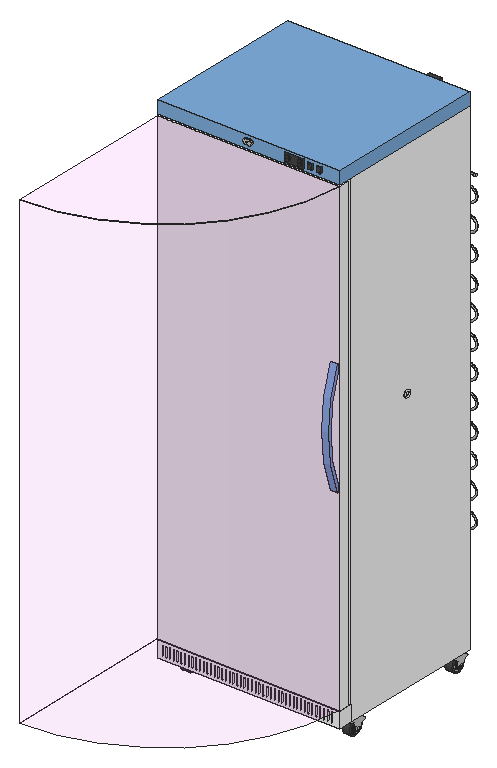
Revit family "QF_Summit_ARS18PV_Pharma_Vac_All_Refrigerator", category Specialty Equipment, Revit 2020
Family settings
  Round Connector Dimension = Use Diameter
  Part Type = Normal
  Work Plane-Based = No
  Always vertical = Yes
  Cut with Voids When Loaded = No
  Shared = No
  Room Calculation Point = No
Parameters
  Weight in Pounds = 270
  Watts = if(Phase = 3, Volts * FL Amps * 1.73, Volts * FL Amps)  # 172.5 W
  Volts = 115 V
  Ventilation Remarks = ""
  URL Cutsheet = ""
  Specification by User = ""
  Specification by Manufacturer = ""
  Show RHD [instance] = yes
  Show LHD [instance] = not(Show RHD)  # no
  Show Clearance [instance] = yes
  Serial Number = ""
  Seismic Rating = ""
  SMACNA No = ""
  Revision Code = ""
  Refrigerant Volume = 0.00 kip
  Refrigerant Type = "R290a"
  Phase = 1
  Number of Poles = 1
  NAFEM Spec ID Number = ""
  Model = "ARS18PV"
  Min Ckt Ampacity = 0 A
  Max Overcurrent Protection = 0 A
  Masterspec = ""
  Manufacturer = "Summit"
  Length = 27 1/2"
  Item Number = ""
  Installed By = ""
  Identify Quantity as Lot = yes
  Height = 78 1/2"
  HP = ""
  Furnished By = ""
  Foodservice Equipment Identifier = yes
  FL Amps = 1.5 A
  Electrical Remarks = ""
  Electric Connection Type = ""
  Elec Conn RI Height = 0"
  Elec Conn Connection Height = 0"
  Description = "Pharma-Vac All-Refrigerator"
  Depth = 26"
  Default Elevation = 0"
  Cycle = 60 Hz
  Conn Plug = ""
  Conn Conduit = yes
  CSI MasterFormat = ""
  Base Height [instance] = 3"
  BTUH = 0.0 Btu/h
  Apparent Power = if(Phase = 3, Volts * FL Amps * 1.73, Volts * FL Amps)  # 172.5 VA
Reference planes (in)
  plane 1 "BACK": y = 0
  plane 2: z = 0
  plane 3 "LEFT": x = 0
  plane 4 "RIGHT": x = 27.5
  plane 5 "FRONT": y = -26
  plane 6 "TOP": z = 78.5
  plane 7 "Center Y": x = 13.75
  plane 8 "Center X": y = -13
  plane 9 "Base Height": z = 3
  plane 10: y = -52
  plane 11: z = 76.625
  plane 12: y = -1.5
  plane 13: y = -23.875
  plane 14: y = -27.75
  plane 15: z = 76.375
  plane 16: z = 66.9233
  plane 17: x = 0.24051
  plane 18: x = 27.38651
  plane 19: z = 66.5
Forms (in)
  Extrusion 1, solid, material "QF_Plastic_White_Smooth"
    sketch origin (0, 0, 3) x (-1, 0, 0) y (0, -1, 0)
      loop
        line (0, 1.5) -> (0, 23.875) -> (-27.5, 23.875) -> (-27.5, 1.5) -> (0, 1.5)
    from 0 to 2.375
  Extrusion 2, solid, material "QF_Plastic_Light_Blue_Smooth"
    sketch origin (0, 0, 78.5) x (-1, 0, 0) y (0, -1, 0)
      loop
        line (0, 1.5) -> (0, 26) -> (-27.5, 26) -> (-27.5, 1.5) -> (0, 1.5)
    from -1.875 to 0
  Extrusion 3, solid, material "QF_Plastic_White_Smooth"
    sketch origin (23.375, -24.375, 0.5) x (-1, 0, 0) y (0, 0, -1)
      loop
        line (-4.125, -75.875) -> (23.375, -75.875) -> (23.375, -5) -> (-4.125, -5) -> (-4.125, -75.875)
    from 0 to 1.625
  Extrusion 4, solid, material "QF_Rubber - Black - Smooth"
    sketch origin (0, -1.5, 3) x (1, 0, 0) y (0, 0, -1)
      loop
        circle (24.97907, -2.95918) r 0.25
    from 0 to 0.0625
  Extrusion 5, solid, material "QF_Metal_Black"
    sketch origin (27.5, -26, 78.5) x (-1, 0, 0) y (0, 0, -1)
      loop
        line (8.25, 0.25) -> (8.25, 1.625) -> (5.49196, 1.625) -> (5.49196, 0.25) -> (8.25, 0.25)
      loop
        line (4.75, 0.375) -> (4.75, 1.25) -> (4.125, 1.25) -> (4.125, 0.375) -> (4.75, 0.375)
      loop
        line (3.375, 1.25) -> (2.75, 1.25) -> (2.75, 0.375) -> (3.375, 0.375) -> (3.375, 1.25)
    from 0 to 0.0625
  Extrusion 6, solid, material "QF_Metal_Black"
    sketch origin (27.5, -26.0625, 78.5) x (-1, 0, 0) y (0, 0, -1)
      loop
        line (7.52932, 0.87366) -> (7.52932, 0.70264)
        arc (7.52932, 0.70264) -> (7.77932, 0.45264) -> (8.02932, 0.70264) r 0.25
        line (8.02932, 0.70264) -> (8.02932, 0.87366) -> (7.52932, 0.87366)
      loop
        line (6.21264, 0.87366) -> (5.71264, 0.87366) -> (5.71264, 0.70264)
        arc (5.71264, 0.70264) -> (5.96264, 0.45264) -> (6.21264, 0.70264) r 0.25
        line (6.21264, 0.70264) -> (6.21264, 0.87366)
    from 0 to 0.125
  Extrusion 7, solid, material "QF_Metal_Black"
    sketch origin (27.5, -26.0625, 78.5) x (-1, 0, 0) y (0, 0, -1)
      loop
        line (8.02932, 0.90312) -> (8.02932, 1.07414)
        arc (8.02932, 1.07414) -> (7.77932, 1.32414) -> (7.52932, 1.07414) r 0.25
        line (7.52932, 1.07414) -> (7.52932, 0.90312) -> (8.02932, 0.90312)
      loop
        line (6.21264, 0.90312) -> (6.21264, 1.07414)
        arc (6.21264, 1.07414) -> (5.96264, 1.32414) -> (5.71264, 1.07414) r 0.25
        line (5.71264, 1.07414) -> (5.71264, 0.90312) -> (6.21264, 0.90312)
    from 0 to 0.125
  Extrusion 8, solid, material "QF_Metal_Black"
    sketch origin (23.375, -26, 78.125) x (0, 0, -1) y (0, 1, 0)
      loop
        line (0.0625, -0.0625) -> (0.0625, -0.09634) -> (0.8125, -0.21513) -> (0.8125, -0.0625) -> (0.0625, -0.0625)
    from -0.5625 to -0.0625
  Extrusion 9, solid, material "QF_Metal_Black"
    sketch origin (24.75, -26, 78.125) x (0, 0, -1) y (0, 1, 0)
      loop
        line (0.0625, -0.09634) -> (0.8125, -0.21513) -> (0.8125, -0.0625) -> (0.0625, -0.0625) -> (0.0625, -0.09634)
    from -0.5625 to -0.0625
  Extrusion 10, solid, material "QF_Metal - Stainless - Polished"
    sketch origin (22.96697, -26, 78.5) x (-1, 0, 0) y (0, 0, -1)
      loop
        arc (8.96647, 1.16146) -> (8.59147, 0.78646) -> (8.96647, 0.41146) r 0.375
        line (8.96647, 0.41146) -> (9.46647, 0.41146)
        arc (9.46647, 0.41146) -> (9.84147, 0.78646) -> (9.46647, 1.16146) r 0.375
        line (9.46647, 1.16146) -> (8.96647, 1.16146)
      loop
        line (9.4034, 0.77178) -> (9.4034, 0.81064) -> (9.03054, 0.81064) -> (9.03054, 0.77178) -> (9.4034, 0.77178)
    from 0 to 0.25
  Extrusion 11, solid, material "QF_Metal_Stainless_Polished"
    sketch origin (0, -1.5, 12.8125) x (1, 0, 0) y (0, 0, -1)
      loop
        circle (25.68242, -41.4375) r 0.25
      loop
        circle (1.88463, -41.4375) r 0.25
      loop
        circle (25.68242, -29.4375) r 0.25
      loop
        circle (1.88463, -29.4375) r 0.25
      loop
        circle (25.68242, -53.4375) r 0.25
      loop
        circle (1.88463, -53.4375) r 0.25
      loop
        circle (25.68242, -17.42125) r 0.25
      loop
        circle (1.88463, -17.42125) r 0.25
      loop
        circle (25.68242, -7.4375) r 0.25
      loop
        circle (1.88463, -7.4375) r 0.25
    from 0 to 1.5
  Extrusion 12, solid, material "QF_Plastic_White_Smooth"
    sketch origin (27.5, 0.125, 7) x (0, -1, 0) y (0, 0, -1)
      loop
        circle (13.625, -36) r 0.5
      loop
        circle (13.625, -36) r 0.40625
    from 0 to 0.25
  Extrusion 13, solid, material "QF_Metal_Black"
    sketch origin (0, -1.5, 78.5) x (1, 0, 0) y (0, 0, -1)
      loop
        line (22.5, 0.25) -> (22.5, 1.625) -> (20.75, 1.625) -> (20.75, 0.25) -> (22.5, 0.25)
    from 0 to 0.96936
  Extrusion 14, solid, material "QF_Clearances_Door_Drawer", visible <- "Show LHD"
    sketch origin (0, 0, 3) x (-1, 0, 0) y (0, -1, 0)
      loop
        arc (0.00218, 26) -> (-8.57009, 44.47216) -> (-27.5, 51.97965) r 27.49433
        line (-27.5, 51.97965) -> (-27.5, 26) -> (0.00218, 26)
    from 2.5 to 73.375
  Extrusion 15, solid, material "QF_Plastic_White_Smooth"
    sketch origin (27.5, -23.875, 3) x (-1, 0, 0) y (0, 0, -1)
      loop
        line (27.5, -2.375) -> (27.5, 0) -> (0, 0) -> (0, -2.375) -> (27.5, -2.375)
      loop
        line (27.4375, -0.0625) -> (0.0625, -0.0625) -> (0.0625, -2.3125) -> (27.4375, -2.3125) -> (27.4375, -0.0625)
    from 0 to 2.125
  Extrusion 16, solid, material "QF_Plastic_White_Smooth"
    sketch origin (27.5, -26, 3) x (-1, 0, 0) y (0, 0, -1)
      loop
        line (27.5, 0) -> (0, 0) -> (0, -2.375) -> (27.5, -2.375) -> (27.5, 0)
      loop
        arc (1.1875, -0.59375) -> (1.09375, -0.5) -> (1, -0.59375) r 0.09375
        line (1, -0.59375) -> (1, -1.90625)
        arc (1, -1.90625) -> (1.09375, -2) -> (1.1875, -1.90625) r 0.09375
        line (1.1875, -1.90625) -> (1.1875, -0.59375)
      loop
        arc (1.75, -0.59375) -> (1.65625, -0.5) -> (1.5625, -0.59375) r 0.09375
        line (1.5625, -0.59375) -> (1.5625, -1.90625)
        arc (1.5625, -1.90625) -> (1.65625, -2) -> (1.75, -1.90625) r 0.09375
        line (1.75, -1.90625) -> (1.75, -0.59375)
      loop
        arc (2.40625, -0.59375) -> (2.3125, -0.5) -> (2.21875, -0.59375) r 0.09375
        line (2.21875, -0.59375) -> (2.21875, -1.90625)
        arc (2.21875, -1.90625) -> (2.3125, -2) -> (2.40625, -1.90625) r 0.09375
        line (2.40625, -1.90625) -> (2.40625, -0.59375)
      loop
        arc (2.96875, -0.59375) -> (2.875, -0.5) -> (2.78125, -0.59375) r 0.09375
        line (2.78125, -0.59375) -> (2.78125, -1.90625)
        arc (2.78125, -1.90625) -> (2.875, -2) -> (2.96875, -1.90625) r 0.09375
        line (2.96875, -1.90625) -> (2.96875, -0.59375)
      loop
        arc (3.53125, -0.59375) -> (3.4375, -0.5) -> (3.34375, -0.59375) r 0.09375
        line (3.34375, -0.59375) -> (3.34375, -1.90625)
        arc (3.34375, -1.90625) -> (3.4375, -2) -> (3.53125, -1.90625) r 0.09375
        line (3.53125, -1.90625) -> (3.53125, -0.59375)
      loop
        arc (4.1875, -0.59375) -> (4.09375, -0.5) -> (4, -0.59375) r 0.09375
        line (4, -0.59375) -> (4, -1.90625)
        arc (4, -1.90625) -> (4.09375, -2) -> (4.1875, -1.90625) r 0.09375
        line (4.1875, -1.90625) -> (4.1875, -0.59375)
      loop
        arc (4.75, -0.59375) -> (4.65625, -0.5) -> (4.5625, -0.59375) r 0.09375
        line (4.5625, -0.59375) -> (4.5625, -1.90625)
        arc (4.5625, -1.90625) -> (4.65625, -2) -> (4.75, -1.90625) r 0.09375
        line (4.75, -1.90625) -> (4.75, -0.59375)
      loop
        arc (5.3125, -0.59375) -> (5.21875, -0.5) -> (5.125, -0.59375) r 0.09375
        line (5.125, -0.59375) -> (5.125, -1.90625)
        arc (5.125, -1.90625) -> (5.21875, -2) -> (5.3125, -1.90625) r 0.09375
        line (5.3125, -1.90625) -> (5.3125, -0.59375)
      loop
        arc (5.875, -0.59375) -> (5.78125, -0.5) -> (5.6875, -0.59375) r 0.09375
        line (5.6875, -0.59375) -> (5.6875, -1.90625)
        arc (5.6875, -1.90625) -> (5.78125, -2) -> (5.875, -1.90625) r 0.09375
        line (5.875, -1.90625) -> (5.875, -0.59375)
      loop
        arc (6.4375, -0.59375) -> (6.34375, -0.5) -> (6.25, -0.59375) r 0.09375
        line (6.25, -0.59375) -> (6.25, -1.90625)
        arc (6.25, -1.90625) -> (6.34375, -2) -> (6.4375, -1.90625) r 0.09375
        line (6.4375, -1.90625) -> (6.4375, -0.59375)
      loop
        arc (7, -0.59375) -> (6.90625, -0.5) -> (6.8125, -0.59375) r 0.09375
        line (6.8125, -0.59375) -> (6.8125, -1.90625)
        arc (6.8125, -1.90625) -> (6.90625, -2) -> (7, -1.90625) r 0.09375
        line (7, -1.90625) -> (7, -0.59375)
      loop
        arc (7.5625, -0.59375) -> (7.46875, -0.5) -> (7.375, -0.59375) r 0.09375
        line (7.375, -0.59375) -> (7.375, -1.90625)
        arc (7.375, -1.90625) -> (7.46875, -2) -> (7.5625, -1.90625) r 0.09375
        line (7.5625, -1.90625) -> (7.5625, -0.59375)
      loop
        arc (8.125, -0.59375) -> (8.03125, -0.5) -> (7.9375, -0.59375) r 0.09375
        line (7.9375, -0.59375) -> (7.9375, -1.90625)
        arc (7.9375, -1.90625) -> (8.03125, -2) -> (8.125, -1.90625) r 0.09375
        line (8.125, -1.90625) -> (8.125, -0.59375)
      loop
        arc (8.6875, -0.59375) -> (8.59375, -0.5) -> (8.5, -0.59375) r 0.09375
        line (8.5, -0.59375) -> (8.5, -1.90625)
        arc (8.5, -1.90625) -> (8.59375, -2) -> (8.6875, -1.90625) r 0.09375
        line (8.6875, -1.90625) -> (8.6875, -0.59375)
      loop
        arc (9.25, -0.59375) -> (9.15625, -0.5) -> (9.0625, -0.59375) r 0.09375
        line (9.0625, -0.59375) -> (9.0625, -1.90625)
        arc (9.0625, -1.90625) -> (9.15625, -2) -> (9.25, -1.90625) r 0.09375
        line (9.25, -1.90625) -> (9.25, -0.59375)
      loop
        arc (9.8125, -0.59375) -> (9.71875, -0.5) -> (9.625, -0.59375) r 0.09375
        line (9.625, -0.59375) -> (9.625, -1.90625)
        arc (9.625, -1.90625) -> (9.71875, -2) -> (9.8125, -1.90625) r 0.09375
        line (9.8125, -1.90625) -> (9.8125, -0.59375)
      loop
        arc (10.375, -0.59375) -> (10.28125, -0.5) -> (10.1875, -0.59375) r 0.09375
        line (10.1875, -0.59375) -> (10.1875, -1.90625)
        arc (10.1875, -1.90625) -> (10.28125, -2) -> (10.375, -1.90625) r 0.09375
        line (10.375, -1.90625) -> (10.375, -0.59375)
      loop
        arc (10.9375, -0.59375) -> (10.84375, -0.5) -> (10.75, -0.59375) r 0.09375
        line (10.75, -0.59375) -> (10.75, -1.90625)
        arc (10.75, -1.90625) -> (10.84375, -2) -> (10.9375, -1.90625) r 0.09375
        line (10.9375, -1.90625) -> (10.9375, -0.59375)
      loop
        arc (11.59375, -0.59375) -> (11.5, -0.5) -> (11.40625, -0.59375) r 0.09375
        line (11.40625, -0.59375) -> (11.40625, -1.90625)
        arc (11.40625, -1.90625) -> (11.5, -2) -> (11.59375, -1.90625) r 0.09375
        line (11.59375, -1.90625) -> (11.59375, -0.59375)
      loop
        arc (12.15625, -0.59375) -> (12.0625, -0.5) -> (11.96875, -0.59375) r 0.09375
        line (11.96875, -0.59375) -> (11.96875, -1.90625)
        arc (11.96875, -1.90625) -> (12.0625, -2) -> (12.15625, -1.90625) r 0.09375
        line (12.15625, -1.90625) -> (12.15625, -0.59375)
      loop
        arc (12.71875, -0.59375) -> (12.625, -0.5) -> (12.53125, -0.59375) r 0.09375
        line (12.53125, -0.59375) -> (12.53125, -1.90625)
        arc (12.53125, -1.90625) -> (12.625, -2) -> (12.71875, -1.90625) r 0.09375
        line (12.71875, -1.90625) -> (12.71875, -0.59375)
      loop
        arc (13.28125, -0.59375) -> (13.1875, -0.5) -> (13.09375, -0.59375) r 0.09375
        line (13.09375, -0.59375) -> (13.09375, -1.90625)
        arc (13.09375, -1.90625) -> (13.1875, -2) -> (13.28125, -1.90625) r 0.09375
        line (13.28125, -1.90625) -> (13.28125, -0.59375)
      loop
        arc (13.84375, -0.59375) -> (13.75, -0.5) -> (13.65625, -0.59375) r 0.09375
        line (13.65625, -0.59375) -> (13.65625, -1.90625)
        arc (13.65625, -1.90625) -> (13.75, -2) -> (13.84375, -1.90625) r 0.09375
        line (13.84375, -1.90625) -> (13.84375, -0.59375)
      loop
        arc (14.40625, -0.59375) -> (14.3125, -0.5) -> (14.21875, -0.59375) r 0.09375
        line (14.21875, -0.59375) -> (14.21875, -1.90625)
        arc (14.21875, -1.90625) -> (14.3125, -2) -> (14.40625, -1.90625) r 0.09375
        line (14.40625, -1.90625) -> (14.40625, -0.59375)
      loop
        arc (14.96875, -0.59375) -> (14.875, -0.5) -> (14.78125, -0.59375) r 0.09375
        line (14.78125, -0.59375) -> (14.78125, -1.90625)
        arc (14.78125, -1.90625) -> (14.875, -2) -> (14.96875, -1.90625) r 0.09375
        line (14.96875, -1.90625) -> (14.96875, -0.59375)
      loop
        arc (15.53125, -0.59375) -> (15.4375, -0.5) -> (15.34375, -0.59375) r 0.09375
        line (15.34375, -0.59375) -> (15.34375, -1.90625)
        arc (15.34375, -1.90625) -> (15.4375, -2) -> (15.53125, -1.90625) r 0.09375
        line (15.53125, -1.90625) -> (15.53125, -0.59375)
      loop
        arc (16.09375, -0.59375) -> (16, -0.5) -> (15.90625, -0.59375) r 0.09375
        line (15.90625, -0.59375) -> (15.90625, -1.90625)
        arc (15.90625, -1.90625) -> (16, -2) -> (16.09375, -1.90625) r 0.09375
        line (16.09375, -1.90625) -> (16.09375, -0.59375)
      loop
        arc (16.65625, -0.59375) -> (16.5625, -0.5) -> (16.46875, -0.59375) r 0.09375
        line (16.46875, -0.59375) -> (16.46875, -1.90625)
        arc (16.46875, -1.90625) -> (16.5625, -2) -> (16.65625, -1.90625) r 0.09375
        line (16.65625, -1.90625) -> (16.65625, -0.59375)
      loop
        arc (17.21875, -0.59375) -> (17.125, -0.5) -> (17.03125, -0.59375) r 0.09375
        line (17.03125, -0.59375) -> (17.03125, -1.90625)
        arc (17.03125, -1.90625) -> (17.125, -2) -> (17.21875, -1.90625) r 0.09375
        line (17.21875, -1.90625) -> (17.21875, -0.59375)
      loop
        arc (17.78125, -0.59375) -> (17.6875, -0.5) -> (17.59375, -0.59375) r 0.09375
        line (17.59375, -0.59375) -> (17.59375, -1.90625)
        arc (17.59375, -1.90625) -> (17.6875, -2) -> (17.78125, -1.90625) r 0.09375
        line (17.78125, -1.90625) -> (17.78125, -0.59375)
      loop
        arc (18.34375, -0.59375) -> (18.25, -0.5) -> (18.15625, -0.59375) r 0.09375
        line (18.15625, -0.59375) -> (18.15625, -1.90625)
        arc (18.15625, -1.90625) -> (18.25, -2) -> (18.34375, -1.90625) r 0.09375
        line (18.34375, -1.90625) -> (18.34375, -0.59375)
      loop
        arc (18.90625, -0.59375) -> (18.8125, -0.5) -> (18.71875, -0.59375) r 0.09375
        line (18.71875, -0.59375) -> (18.71875, -1.90625)
        arc (18.71875, -1.90625) -> (18.8125, -2) -> (18.90625, -1.90625) r 0.09375
        line (18.90625, -1.90625) -> (18.90625, -0.59375)
      loop
        arc (19.46875, -0.59375) -> (19.375, -0.5) -> (19.28125, -0.59375) r 0.09375
        line (19.28125, -0.59375) -> (19.28125, -1.90625)
        arc (19.28125, -1.90625) -> (19.375, -2) -> (19.46875, -1.90625) r 0.09375
        line (19.46875, -1.90625) -> (19.46875, -0.59375)
      loop
        arc (20.03125, -0.59375) -> (19.9375, -0.5) -> (19.84375, -0.59375) r 0.09375
        line (19.84375, -0.59375) -> (19.84375, -1.90625)
        arc (19.84375, -1.90625) -> (19.9375, -2) -> (20.03125, -1.90625) r 0.09375
        line (20.03125, -1.90625) -> (20.03125, -0.59375)
      loop
        arc (20.59375, -0.59375) -> (20.5, -0.5) -> (20.40625, -0.59375) r 0.09375
        line (20.40625, -0.59375) -> (20.40625, -1.90625)
        arc (20.40625, -1.90625) -> (20.5, -2) -> (20.59375, -1.90625) r 0.09375
        line (20.59375, -1.90625) -> (20.59375, -0.59375)
      loop
        arc (21.15625, -0.59375) -> (21.0625, -0.5) -> (20.96875, -0.59375) r 0.09375
        line (20.96875, -0.59375) -> (20.96875, -1.90625)
        arc (20.96875, -1.90625) -> (21.0625, -2) -> (21.15625, -1.90625) r 0.09375
        line (21.15625, -1.90625) -> (21.15625, -0.59375)
      loop
        arc (21.71875, -0.59375) -> (21.625, -0.5) -> (21.53125, -0.59375) r 0.09375
        line (21.53125, -0.59375) -> (21.53125, -1.90625)
        arc (21.53125, -1.90625) -> (21.625, -2) -> (21.71875, -1.90625) r 0.09375
        line (21.71875, -1.90625) -> (21.71875, -0.59375)
      loop
        arc (22.28125, -0.59375) -> (22.1875, -0.5) -> (22.09375, -0.59375) r 0.09375
        line (22.09375, -0.59375) -> (22.09375, -1.90625)
        arc (22.09375, -1.90625) -> (22.1875, -2) -> (22.28125, -1.90625) r 0.09375
        line (22.28125, -1.90625) -> (22.28125, -0.59375)
      loop
        arc (22.84375, -0.59375) -> (22.75, -0.5) -> (22.65625, -0.59375) r 0.09375
        line (22.65625, -0.59375) -> (22.65625, -1.90625)
        arc (22.65625, -1.90625) -> (22.75, -2) -> (22.84375, -1.90625) r 0.09375
        line (22.84375, -1.90625) -> (22.84375, -0.59375)
      loop
        arc (23.40625, -0.59375) -> (23.3125, -0.5) -> (23.21875, -0.59375) r 0.09375
        line (23.21875, -0.59375) -> (23.21875, -1.90625)
        arc (23.21875, -1.90625) -> (23.3125, -2) -> (23.40625, -1.90625) r 0.09375
        line (23.40625, -1.90625) -> (23.40625, -0.59375)
      loop
        arc (23.96875, -0.59375) -> (23.875, -0.5) -> (23.78125, -0.59375) r 0.09375
        line (23.78125, -0.59375) -> (23.78125, -1.90625)
        arc (23.78125, -1.90625) -> (23.875, -2) -> (23.96875, -1.90625) r 0.09375
        line (23.96875, -1.90625) -> (23.96875, -0.59375)
      loop
        arc (24.53125, -0.59375) -> (24.4375, -0.5) -> (24.34375, -0.59375) r 0.09375
        line (24.34375, -0.59375) -> (24.34375, -1.90625)
        arc (24.34375, -1.90625) -> (24.4375, -2) -> (24.53125, -1.90625) r 0.09375
        line (24.53125, -1.90625) -> (24.53125, -0.59375)
      loop
        arc (25.09375, -0.59375) -> (25, -0.5) -> (24.90625, -0.59375) r 0.09375
        line (24.90625, -0.59375) -> (24.90625, -1.90625)
        arc (24.90625, -1.90625) -> (25, -2) -> (25.09375, -1.90625) r 0.09375
        line (25.09375, -1.90625) -> (25.09375, -0.59375)
      loop
        arc (25.65625, -0.59375) -> (25.5625, -0.5) -> (25.46875, -0.59375) r 0.09375
        line (25.46875, -0.59375) -> (25.46875, -1.90625)
        arc (25.46875, -1.90625) -> (25.5625, -2) -> (25.65625, -1.90625) r 0.09375
        line (25.65625, -1.90625) -> (25.65625, -0.59375)
      loop
        arc (26.21875, -0.59375) -> (26.125, -0.5) -> (26.03125, -0.59375) r 0.09375
        line (26.03125, -0.59375) -> (26.03125, -1.90625)
        arc (26.03125, -1.90625) -> (26.125, -2) -> (26.21875, -1.90625) r 0.09375
        line (26.21875, -1.90625) -> (26.21875, -0.59375)
      loop
        arc (26.78125, -0.59375) -> (26.6875, -0.5) -> (26.59375, -0.59375) r 0.09375
        line (26.59375, -0.59375) -> (26.59375, -1.90625)
        arc (26.59375, -1.90625) -> (26.6875, -2) -> (26.78125, -1.90625) r 0.09375
        line (26.78125, -1.90625) -> (26.78125, -0.59375)
    from 0 to -0.0625
  Extrusion 17, solid, material "QF_Plastic_Light_Blue_Smooth", visible <- "Show LHD"
    sketch origin (0, 0, 12.875) x (0, 1, 0) y (0, 0, 1)
      loop
        arc (-26, 39.5) -> (-27.75, 30.75) -> (-26, 22) r 22.74998
        line (-26, 22) -> (-26, 23.25)
        arc (-26, 23.25) -> (-27.4619, 30.75) -> (-26, 38.25) r 19.96964
        line (-26, 38.25) -> (-26, 39.5)
    from 0.24196 to 1.36696
  Extrusion 18, solid, material "QF_Plastic_White_Smooth"
    sketch origin (0, -23.875, 3) x (0, 1, 0) y (0, 0, -1)
      loop
        line (0, -2.375) -> (0, -4.125) -> (12.25, -4.125) -> (12.25, -10.625) -> (18.75, -10.625) -> (18.75, -65.625) -> (5, -72.625) -> (0, -72.625) -> (0, -73.625) -> (22.375, -73.625) -> (22.375, -2.375) -> (0, -2.375)
    from -1.6875 to -25.875
  Extrusion 19, solid, material "QF_Plastic_White_Smooth"
    sketch origin (0, 0, 5.375) x (-1, 0, 0) y (0, -1, 0)
      loop
        line (-25.8125, 1.5) -> (-25.8125, 23.875) -> (-27.5, 23.875) -> (-27.5, 1.5) -> (-25.8125, 1.5)
      loop
        line (-1.6875, 23.875) -> (-1.6875, 1.5) -> (0, 1.5) -> (0, 23.875) -> (-1.6875, 23.875)
    from 0 to 71.25
  Extrusion 20, solid, material "QF_Rubber - Black - Smooth"
    sketch origin (23.375, -24.375, 0.5) x (1, 0, 0) y (0, 0, -1)
      loop
        line (-22.875, -5.5) -> (-22.875, -75.375) -> (3.625, -75.375) -> (3.625, -5.5) -> (-22.875, -5.5)
      loop
        line (-22.375, -74.875) -> (3.125, -74.875) -> (3.125, -6) -> (-22.375, -6) -> (-22.375, -74.875)
    from 0 to 0.5
  Sweep 21, solid, material "QF_Metal_Stainless_Polished"
    path origin (-0.09628, 0, 18.90767) x (1, 0, 0) y (0, 0, 1)
      loop
        line (27.48279, 47.76475) -> (1.35342, 47.76475)
        arc (1.35342, 47.76475) -> (0.35342, 46.76475) -> (1.35342, 45.76475) r 1
        line (1.35342, 45.76475) -> (26.46689, 45.76475)
        arc (26.46689, 45.76475) -> (27.46689, 44.76475) -> (26.46689, 43.76475) r 1
        line (26.46689, 43.76475) -> (1.34929, 43.76475)
        arc (1.34929, 43.76475) -> (0.34929, 42.76475) -> (1.34929, 41.76475) r 1
        line (1.34929, 41.76475) -> (26.49759, 41.76475)
        arc (26.49759, 41.76475) -> (27.49759, 40.76475) -> (26.49759, 39.76475) r 1
        line (26.49759, 39.76475) -> (1.32211, 39.76475)
        arc (1.32211, 39.76475) -> (0.32211, 38.76475) -> (1.32211, 37.76475) r 1
        line (1.32211, 37.76475) -> (26.4667, 37.76475)
        arc (26.4667, 37.76475) -> (27.4667, 36.76475) -> (26.4667, 35.76475) r 1
        line (26.4667, 35.76475) -> (1.34954, 35.76475)
        arc (1.34954, 35.76475) -> (0.34954, 34.76475) -> (1.34954, 33.76475) r 1
        line (1.34954, 33.76475) -> (26.46471, 33.76475)
        arc (26.46471, 33.76475) -> (27.46471, 32.76475) -> (26.46471, 31.76475) r 1
        line (26.46471, 31.76475) -> (1.39695, 31.76475)
        arc (1.39695, 31.76475) -> (0.39695, 30.76475) -> (1.39695, 29.76475) r 1
        line (1.39695, 29.76475) -> (26.48279, 29.76475)
        arc (26.48279, 29.76475) -> (27.48279, 28.76475) -> (26.48279, 27.76475) r 1
        line (26.48279, 27.76475) -> (1.3368, 27.76475)
        arc (1.3368, 27.76475) -> (0.3368, 26.76475) -> (1.3368, 25.76475) r 1
        line (1.3368, 25.76475) -> (26.48242, 25.76475)
        arc (26.48242, 25.76475) -> (27.48242, 24.76475) -> (26.48242, 23.76475) r 1
        line (26.48242, 23.76475) -> (1.33704, 23.76475)
        arc (1.33704, 23.76475) -> (0.33704, 22.76475) -> (1.33704, 21.76475) r 1
        line (1.33704, 21.76475) -> (26.48323, 21.76475)
        arc (26.48323, 21.76475) -> (27.48323, 20.76475) -> (26.48323, 19.76475) r 1
        line (26.48323, 19.76475) -> (1.33589, 19.76475)
        arc (1.33589, 19.76475) -> (0.33589, 18.76475) -> (1.33589, 17.76475) r 1
        line (1.33589, 17.76475) -> (26.47214, 17.76475)
        arc (26.47214, 17.76475) -> (27.47214, 16.76475) -> (26.47214, 15.76475) r 1
        line (26.47214, 15.76475) -> (1.33204, 15.76475)
        arc (1.33204, 15.76475) -> (0.33204, 14.76475) -> (1.33204, 13.76475) r 1
        line (1.33204, 13.76475) -> (26.46611, 13.76475)
        arc (26.46611, 13.76475) -> (27.46611, 12.76475) -> (26.46611, 11.76475) r 1
        line (26.46611, 11.76475) -> (1.3323, 11.76475)
        arc (1.3323, 11.76475) -> (0.3323, 10.76475) -> (1.3323, 9.76475) r 1
        line (1.3323, 9.76475) -> (26.44878, 9.76475)
        arc (26.44878, 9.76475) -> (27.44878, 8.76475) -> (26.44878, 7.76475) r 1
        line (26.44878, 7.76475) -> (1.36686, 7.76475)
        arc (1.36686, 7.76475) -> (0.36686, 6.76475) -> (1.36686, 5.76475) r 1
        line (1.36686, 5.76475) -> (26.38872, 5.76475)
        arc (26.38872, 5.76475) -> (27.45079, 4.70269) -> (26.38872, 3.64063) r 1.06206
        line (26.38872, 3.64063) -> (1.29095, 3.64063)
        arc (1.29095, 3.64063) -> (0.29095, 2.64063) -> (1.29095, 1.64063) r 1
        line (1.29095, 1.64063) -> (26.41822, 1.64063)
        arc (26.41822, 1.64063) -> (27.41822, 0.64063) -> (26.41822, -0.35937) r 1
        line (26.41822, -0.35937) -> (0.3368, -0.35937)
    profile origin (13.84359, 0, 48.67242) x (0, 0, 1) y (0, -1, 0)
      loop
        circle (0.09375, 0.09375) r 0.09375
  Extrusion 22, solid, material "QF_Clearances_Door_Drawer", visible <- "Show RHD"
    sketch origin (27.5, 0, 3) x (1, 0, 0) y (0, 1, 0)
      loop
        line (0.00218, -26) -> (-27.5, -26) -> (-27.5, -51.97965)
        arc (-27.5, -51.97965) -> (-8.57009, -44.47216) -> (0.00218, -26) r 27.49433
    from 2.5 to 73.375
  Extrusion 23, solid, material "QF_Plastic_Light_Blue_Smooth", visible <- "Show RHD"
    sketch origin (27.5, 0, 12.875) x (0, 1, 0) y (0, 0, -1)
      loop
        line (-26, -39.5) -> (-26, -38.25)
        arc (-26, -38.25) -> (-27.4619, -30.75) -> (-26, -23.25) r 19.96964
        line (-26, -23.25) -> (-26, -22)
        arc (-26, -22) -> (-27.75, -30.75) -> (-26, -39.5) r 22.74998
    from 0.24196 to 1.36696
Cuts and joins
  joined: Extrusion 15, Extrusion 16
  joined: Extrusion 1, Extrusion 18, Extrusion 19
Lines and regions (in)
  Split face 1
    outline origin (26.87884, -26, 78.6416) x (-1, 0, 0) y (0, 0, -1)
      loop
        arc (26.02661, 0.89604) -> (26.00794, 0.89015) -> (25.99602, 0.87462) r 0.03255
        arc (25.99602, 0.87462) -> (25.97782, 0.84605) -> (25.94924, 0.82784) r 0.07828
        arc (25.94924, 0.82784) -> (25.91146, 0.82118) -> (25.87367, 0.82784) r 0.11047
        arc (25.87367, 0.82784) -> (25.83753, 0.87946) -> (25.87367, 0.93108) r 0.05493
        arc (25.87367, 0.93108) -> (25.92704, 0.94588) -> (25.98206, 0.95215) r 0.35291
        arc (25.98206, 0.95215) -> (26.04954, 0.96588) -> (26.10888, 1.00084) r 0.20863
        arc (26.10888, 1.00084) -> (26.13758, 1.08821) -> (26.10888, 1.17558) r 0.14738
        arc (26.10888, 1.17558) -> (26.06091, 1.21419) -> (26.00012, 1.22401) r 0.12037
        arc (26.00012, 1.22401) -> (25.9277, 1.21911) -> (25.86146, 1.18944) r 0.20635
        arc (25.86146, 1.18944) -> (25.84516, 1.1835) -> (25.82885, 1.18944) r 0.02536
        line (25.82885, 1.18944) -> (25.80233, 1.21169) -> (25.73922, 1.21169)
        arc (25.73922, 1.21169) -> (25.71948, 1.20901) -> (25.70473, 1.19561) r 0.03358
        line (25.70473, 1.19561) -> (25.7141, 1.129) -> (25.7141, 0.8541)
        arc (25.7141, 0.8541) -> (25.74027, 0.796) -> (25.79417, 0.76201) r 0.11051
        arc (25.79417, 0.76201) -> (25.85605, 0.74915) -> (25.91909, 0.74447) r 0.48335
        arc (25.91909, 0.74447) -> (25.96819, 0.74812) -> (26.01601, 0.75983) r 0.29737
        arc (26.01601, 0.75983) -> (26.05923, 0.78115) -> (26.09519, 0.81323) r 0.17873
        line (26.09519, 0.81323) -> (26.12001, 0.86898)
        arc (26.12001, 0.86898) -> (26.11848, 0.88741) -> (26.10213, 0.89604) r 0.01924
        line (26.10213, 0.89604) -> (26.02661, 0.89604)
  Split face 2
    outline origin (27.34773, -26, 78.63347) x (-1, 0, 0) y (0, 0, -1)
      loop
        arc (26.34236, 1.00084) -> (26.40571, 1.01423) -> (26.46654, 1.03644) r 0.45683
        arc (26.46654, 1.03644) -> (26.48186, 1.07874) -> (26.46654, 1.12104) r 0.06604
        arc (26.46654, 1.12104) -> (26.40416, 1.13913) -> (26.34178, 1.12104) r 0.11662
        arc (26.34178, 1.12104) -> (26.31029, 1.0846) -> (26.30428, 1.03683) r 0.08315
        arc (26.30428, 1.03683) -> (26.31481, 1.01142) -> (26.34021, 1.0009) r 0.03593
  Split face 3
    outline origin (26.83681, -26, 78.63959) x (-1, 0, 0) y (0, 0, -1)
      loop
        arc (25.15957, 0.91363) -> (25.152, 0.89762) -> (25.15263, 0.87992) r 0.03748
        arc (25.15263, 0.87992) -> (25.18205, 0.8205) -> (25.23106, 0.77583) r 0.17938
        arc (25.23106, 0.77583) -> (25.50096, 0.79069) -> (25.58067, 1.04897) r 0.23652
        arc (25.58067, 1.04897) -> (25.54728, 1.13367) -> (25.47702, 1.19157) r 0.18179
        arc (25.47702, 1.19157) -> (25.4007, 1.22001) -> (25.31925, 1.21938) r 0.22467
        arc (25.31925, 1.21938) -> (25.24928, 1.20162) -> (25.19378, 1.15545) r 0.16353
        arc (25.19378, 1.15545) -> (25.1667, 1.11335) -> (25.14694, 1.06736) r 0.30233
        arc (25.14694, 1.06736) -> (25.14694, 1.04762) -> (25.16404, 1.03774) r 0.01975
        line (25.16404, 1.03774) -> (25.23289, 1.03774)
        arc (25.23289, 1.03774) -> (25.25944, 1.04874) -> (25.27043, 1.07529) r 0.03754
        arc (25.27043, 1.07529) -> (25.35638, 1.12526) -> (25.44234, 1.07529) r 0.09891
        arc (25.44234, 1.07529) -> (25.4671, 0.99076) -> (25.45131, 0.90411) r 0.19105
        arc (25.45131, 0.90411) -> (25.41787, 0.86104) -> (25.36799, 0.83901) r 0.11135
        arc (25.36799, 0.83901) -> (25.31339, 0.84685) -> (25.2736, 0.88505) r 0.09008
        arc (25.2736, 0.88505) -> (25.26523, 0.90526) -> (25.24502, 0.91363) r 0.02858
        line (25.24502, 0.91363) -> (25.15957, 0.91363)
  Split face 4
    outline origin (27.34515, -26, 78.63923) x (-1, 0, 0) y (0, 0, -1)
      loop
        arc (25.04701, 0.75696) -> (25.06624, 0.76687) -> (25.06932, 0.78829) r 0.02361
        line (25.06932, 0.78829) -> (25.06932, 1.01284)
        arc (25.06932, 1.01284) -> (25.06487, 1.10413) -> (25.02308, 1.1854) r 0.216
        arc (25.02308, 1.1854) -> (24.90905, 1.2259) -> (24.79501, 1.1854) r 0.18078
        arc (24.79501, 1.1854) -> (24.77773, 1.17428) -> (24.76304, 1.18865) r 0.01649
        arc (24.76304, 1.18865) -> (24.75435, 1.20511) -> (24.73695, 1.21169) r 0.02629
        line (24.73695, 1.21169) -> (24.67488, 1.21169)
        arc (24.67488, 1.21169) -> (24.65271, 1.20251) -> (24.64353, 1.18034) r 0.03135
        line (24.64353, 1.18034) -> (24.64353, 0.79403)
        arc (24.64353, 0.79403) -> (24.64686, 0.76874) -> (24.66949, 0.75696) r 0.02762
        line (24.66949, 0.75696) -> (24.73776, 0.75696)
        arc (24.73776, 0.75696) -> (24.75953, 0.76597) -> (24.76854, 0.78774) r 0.03079
        line (24.76854, 0.78774) -> (24.76854, 1.03836)
        arc (24.76854, 1.03836) -> (24.85707, 1.12689) -> (24.9456, 1.03836) r 0.08853
        line (24.9456, 1.03836) -> (24.9456, 0.78356)
        arc (24.9456, 0.78356) -> (24.9534, 0.76475) -> (24.97221, 0.75696) r 0.0266
        line (24.97221, 0.75696) -> (25.04701, 0.75696)
  Split face 5
    outline origin (27.34226, -26, 78.64212) x (-1, 0, 0) y (0, 0, -1)
      loop
        arc (24.12884, 0.91363) -> (24.12126, 0.89762) -> (24.12189, 0.87992) r 0.03748
        arc (24.12189, 0.87992) -> (24.15132, 0.8205) -> (24.20032, 0.77583) r 0.17938
        arc (24.20032, 0.77583) -> (24.47022, 0.79069) -> (24.54993, 1.04897) r 0.23652
        arc (24.54993, 1.04897) -> (24.51655, 1.13367) -> (24.44628, 1.19157) r 0.18179
        arc (24.44628, 1.19157) -> (24.36996, 1.22001) -> (24.28851, 1.21938) r 0.22467
        arc (24.28851, 1.21938) -> (24.21855, 1.20162) -> (24.16305, 1.15545) r 0.16353
        arc (24.16305, 1.15545) -> (24.13597, 1.11335) -> (24.11621, 1.06736) r 0.30233
        arc (24.11621, 1.06736) -> (24.11621, 1.04762) -> (24.13331, 1.03774) r 0.01975
        line (24.13331, 1.03774) -> (24.20215, 1.03774)
        arc (24.20215, 1.03774) -> (24.2287, 1.04874) -> (24.2397, 1.07529) r 0.03754
        arc (24.2397, 1.07529) -> (24.32565, 1.12526) -> (24.4116, 1.07529) r 0.09891
        arc (24.4116, 1.07529) -> (24.43636, 0.99076) -> (24.42057, 0.90411) r 0.19105
        arc (24.42057, 0.90411) -> (24.38713, 0.86104) -> (24.33726, 0.83901) r 0.11135
        arc (24.33726, 0.83901) -> (24.28266, 0.84685) -> (24.24287, 0.88505) r 0.09008
        arc (24.24287, 0.88505) -> (24.2345, 0.90526) -> (24.21429, 0.91363) r 0.02858
        line (24.21429, 0.91363) -> (24.12884, 0.91363)
  Split face 6
    outline origin (27.34417, -26, 78.38324) x (-1, 0, 0) y (0, 0, -1)
      loop
        circle (23.82695, 0.72652) r 0.26828
  Split face 7
    outline origin (26.87518, -26, 78.39263) x (-1, 0, 0) y (0, 0, -1)
      loop
        arc (23.03804, 0.33315) -> (23.06109, 0.3427) -> (23.07064, 0.36575) r 0.0326
        line (23.07064, 0.36575) -> (23.07064, 0.92227)
        arc (23.07064, 0.92227) -> (23.07064, 0.94855) -> (23.04788, 0.96169) r 0.02628
        line (23.04788, 0.96169) -> (22.97739, 0.96169)
        arc (22.97739, 0.96169) -> (22.95772, 0.95355) -> (22.94958, 0.93389) r 0.02781
        line (22.94958, 0.93389) -> (22.94958, 0.3651)
        arc (22.94958, 0.3651) -> (22.95894, 0.34251) -> (22.98153, 0.33315) r 0.03195
        line (22.98153, 0.33315) -> (23.03804, 0.33315)
  Split face 8
    outline origin (27.34599, -26, 78.63935) x (-1, 0, 0) y (0, 0, -1)
      loop
        arc (22.98937, 0.58315) -> (23.0067, 0.59253) -> (23.01361, 0.61098) r 0.0281
        line (23.01361, 0.61098) -> (23.01361, 0.7767)
        arc (23.01361, 0.7767) -> (23.02305, 0.79051) -> (23.03935, 0.78674) r 0.01483
        arc (23.03935, 0.78674) -> (23.14479, 0.73657) -> (23.25557, 0.77345) r 0.15633
        arc (23.25557, 0.77345) -> (23.35238, 0.98268) -> (23.25557, 1.19191) r 0.2745
        arc (23.25557, 1.19191) -> (23.15017, 1.2248) -> (23.04477, 1.19191) r 0.1853
        arc (23.04477, 1.19191) -> (23.0285, 1.17986) -> (23.00908, 1.18561) r 0.02268
        arc (23.00908, 1.18561) -> (23.00422, 1.20376) -> (22.9872, 1.21169) r 0.02222
        line (22.9872, 1.21169) -> (22.92612, 1.21169)
        arc (22.92612, 1.21169) -> (22.89825, 1.20015) -> (22.8867, 1.17227) r 0.03942
        line (22.8867, 1.17227) -> (22.8867, 0.6151)
        arc (22.8867, 0.6151) -> (22.89606, 0.59251) -> (22.91865, 0.58315) r 0.03195
        line (22.91865, 0.58315) -> (22.98937, 0.58315)
  Split face 9
    outline origin (27.34287, -26, 78.63959) x (-1, 0, 0) y (0, 0, -1)
      loop
        arc (25.15957, 0.91363) -> (25.152, 0.89762) -> (25.15263, 0.87992) r 0.03748
        arc (25.15263, 0.87992) -> (25.18205, 0.8205) -> (25.23106, 0.77583) r 0.17938
        arc (25.23106, 0.77583) -> (25.50096, 0.79069) -> (25.58067, 1.04897) r 0.23652
        arc (25.58067, 1.04897) -> (25.54728, 1.13367) -> (25.47702, 1.19157) r 0.18179
        arc (25.47702, 1.19157) -> (25.4007, 1.22001) -> (25.31925, 1.21938) r 0.22467
        arc (25.31925, 1.21938) -> (25.24928, 1.20162) -> (25.19378, 1.15545) r 0.16353
        arc (25.19378, 1.15545) -> (25.1667, 1.11335) -> (25.14694, 1.06736) r 0.30233
        arc (25.14694, 1.06736) -> (25.14694, 1.04762) -> (25.16404, 1.03774) r 0.01975
        line (25.16404, 1.03774) -> (25.23289, 1.03774)
        arc (25.23289, 1.03774) -> (25.25944, 1.04874) -> (25.27043, 1.07529) r 0.03754
        arc (25.27043, 1.07529) -> (25.35638, 1.12526) -> (25.44234, 1.07529) r 0.09891
        arc (25.44234, 1.07529) -> (25.4671, 0.99076) -> (25.45131, 0.90411) r 0.19105
        arc (25.45131, 0.90411) -> (25.41787, 0.86104) -> (25.36799, 0.83901) r 0.11135
        arc (25.36799, 0.83901) -> (25.31339, 0.84685) -> (25.2736, 0.88505) r 0.09008
        arc (25.2736, 0.88505) -> (25.26523, 0.90526) -> (25.24502, 0.91363) r 0.02858
        line (25.24502, 0.91363) -> (25.15957, 0.91363)
  Split face 10
    outline origin (22.96697, -26.25, 78.5) x (-1, 0, 0) y (0, 0, -1)
      loop
        circle (9.21647, 0.78646) r 0.18692
  Split face 11
    outline origin (27.5, -26, 78.5) x (-1, 0, 0) y (0, 0, -1)
      loop
        spline (23.27336, 0.69981) -> (23.30183, 0.70474) -> (23.32835, 0.71919) -> (23.35112, 0.74219) -> (23.3686, 0.77216) -> (23.37959, 0.80706) -> (23.38333, 0.84451) -> (23.37959, 0.88196) -> (23.3686, 0.91685) -> (23.35112, 0.94682) -> (23.32835, 0.96982) -> (23.30183, 0.98427) -> (23.27336, 0.9892)
        spline (23.27336, 0.9892) -> (23.2449, 0.98427) -> (23.21838, 0.96982) -> (23.1956, 0.94682) -> (23.17813, 0.91685) -> (23.16714, 0.88196) -> (23.16339, 0.84451) -> (23.16714, 0.80706) -> (23.17813, 0.77216) -> (23.1956, 0.74219) -> (23.21838, 0.71919) -> (23.2449, 0.70474) -> (23.27336, 0.69981)
  Split face 12
    outline origin (27.5, -26, 78.5) x (-1, 0, 0) y (0, 0, -1)
      loop
        line (23.91771, 0.79943) -> (23.91771, 0.7258) -> (23.98054, 0.76415) -> (24.04843, 0.7276) -> (24.04831, 0.7991) -> (24.11271, 0.83901) -> (24.04735, 0.87671) -> (24.04735, 0.95214) -> (23.98262, 0.91058) -> (23.91771, 0.95013) -> (23.91771, 0.87779) -> (23.85219, 0.83997) -> (23.91771, 0.79943)
  symbolic lines
    curve 1: line (0, -1.5, 3) -> (27.5, -1.5, 3)
    curve 2: line (0, -26, 3) -> (0, -1.5, 3)
    curve 3: line (27.5, -26, 3) -> (0, -26, 3)
    curve 4: line (27.5, -1.5, 3) -> (27.5, -26, 3)
    curve 5: line (20.75, -0.53064, 3) -> (20.75, -1.5, 3)
    curve 6: line (22.5, -0.53064, 3) -> (20.75, -0.53064, 3)
    curve 7: line (22.5, -1.5, 3) -> (22.5, -0.53064, 3)
    curve 8: line (1.63057, -1.5, 3) -> (1.63057, -0.1875, 3)
    curve 9: line (2.13057, -1.5, 3) -> (2.13057, -0.1875, 3)
    curve 10: line (0.28891, -0.1875, 3) -> (27.29276, -0.1875, 3)
    curve 11: line (27.29276, 0, 3) -> (0.28891, 0, 3)
    curve 12: arc (0.28891, 0, 3) -> (0.19516, -0.09375, 3) -> (0.28891, -0.1875, 3) r 0.09375
    curve 13: arc (27.29276, -0.1875, 3) -> (27.38651, -0.09375, 3) -> (27.29276, 0, 3) r 0.09375
    curve 14: line (25.43524, -0.1875, 3) -> (25.43524, -1.5, 3)
    curve 15: line (25.93524, -0.1875, 3) -> (25.93524, -1.5, 3)
    curve 16: line (27.75, -14, 3) -> (27.75, -13, 3)
    curve 17: line (27.75, -13, 3) -> (27.5, -13, 3)
    curve 18: line (27.75, -14, 3) -> (27.5, -14, 3)
    curve 22: line (13.12422, -26, 3) -> (13.12422, -26.25, 3)
    curve 23: line (13.12422, -26.25, 3) -> (14.37578, -26.25, 3)
    curve 24: line (14.37578, -26.25, 3) -> (14.37578, -26, 3)
    curve 25: line (19.25, -26, 3) -> (19.25, -26.0625, 3)
    curve 26: line (19.25, -26.0625, 3) -> (22, -26.0625, 3)
    curve 27: line (22, -26.0625, 3) -> (22, -26, 3)
    curve 28: line (22.75, -26, 3) -> (22.75, -26.0625, 3)
    curve 29: line (22.75, -26.0625, 3) -> (23.375, -26.0625, 3)
    curve 30: line (23.375, -26.0625, 3) -> (23.375, -26, 3)
    curve 31: line (24.125, -26, 3) -> (24.125, -26.0625, 3)
    curve 32: line (24.125, -26.0625, 3) -> (24.75, -26.0625, 3)
    curve 33: line (24.75, -26.0625, 3) -> (24.75, -26, 3)
  symbolic lines, visible <- "Show LHD"
    curve 19: line (0.24196, -26, 3) -> (0.24196, -27.75, 3)
    curve 20: line (0.24196, -27.75, 3) -> (1.36696, -27.75, 3)
    curve 21: line (1.36696, -27.75, 3) -> (1.36696, -26, 3)
  symbolic lines, style "QF_Clearances_Door_Drawer", visible <- "Show LHD"
    curve 34: arc (-0.00218, -26, 3) -> (1.29761, -32.96885, 3) -> (4.33602, -39.37373, 3) r 27.49433
    curve 35: line (27.5, -26, 3) -> (4.33602, -39.37373, 3)
  symbolic lines, style "QF_Clearances_Door_Drawer", visible <- "Show RHD"
    curve 36: arc (27.50218, -26, 3) -> (26.20239, -32.96885, 3) -> (23.16398, -39.37373, 3) r 27.49433
    curve 37: line (0, -26, 3) -> (23.16398, -39.37373, 3)
  symbolic lines, visible <- "Show RHD"
    curve 38: line (27.25804, -26, 3) -> (27.25804, -27.75, 3)
    curve 39: line (27.25804, -27.75, 3) -> (26.13304, -27.75, 3)
    curve 40: line (26.13304, -27.75, 3) -> (26.13304, -26, 3)
Dimensions and locks (in)
  equal spacing: plane 3 "LEFT", plane 7 "Center Y", plane 4 "RIGHT"
  "Length": plane 3 "LEFT" to plane 4 "RIGHT"
  equal spacing: plane 5 "FRONT", plane 8 "Center X", plane 1 "BACK"
  "Depth": plane 5 "FRONT" to plane 1 "BACK"
  "Height": plane 6 "TOP" to level
  "Base Height": plane 9 "Base Height" to level
  plane 10 to plane 1 "BACK" = 52"
  plane 12 to plane 1 "BACK" = 1 1/2"
  plane 12 to plane 13 = 22 3/8"
  plane 14 to plane 5 "FRONT" = 1 3/4"
  plane 6 "TOP" to plane 11 = 1 7/8"
  plane 11 to plane 15 = 1/4"
  Extrusion 18 sketch curve to Extrusion 18 sketch curve = 68 1/2"
  plane 6 "TOP" to plane 9 "Base Height" = 75 1/2"
  plane 19 to plane 6 "TOP" = 12"
  aligned and locked: level to plane 2
Automatic sketch dimensions
  curve 16 to plane 8 "Center X" = 0"
  plane 5 "FRONT" to curve 36 = 0"
  curve 18 to plane 4 "RIGHT" = 0"
  plane 1 "BACK" to curve 11 = 0"
  plane 5 "FRONT" to curve 38 = 0"
  plane 14 to curve 39 = 0"
  curve 15 to plane 12 = 0"
  curve 21 to plane 14 = 0"
  curve 37 to plane 3 "LEFT" = 0"
  plane 5 "FRONT" to curve 34 = 0"
  curve 17 to curve 17 = 1/4"
  plane 4 "RIGHT" to curve 34 = 0.04959"
  plane 4 "RIGHT" to curve 11 = 0.20724"
  plane 4 "RIGHT" to curve 39 = 0.24196"
  curve 38 to curve 40 = 1 1/8"
  plane 5 "FRONT" to curve 33 = 1/16"
  curve 40 to curve 33 = 1.38304"
  curve 32 to curve 32 = 5/8"
  plane 5 "FRONT" to curve 30 = 1/16"
  curve 31 to curve 30 = 3/4"
  plane 4 "RIGHT" to curve 37 = 4.33602"
  curve 29 to curve 28 = 5/8"
  plane 1 "BACK" to curve 6 = 0.53064"
  curve 10 to curve 6 = 4.79276"
  plane 5 "FRONT" to curve 27 = 1/16"
  curve 28 to curve 27 = 3/4"
  curve 6 to curve 5 = 1 3/4"
  curve 26 to curve 26 = 2 3/4"
  plane 5 "FRONT" to curve 24 = 1/4"
  plane 7 "Center Y" to curve 24 = 0.62578"
  curve 23 to plane 7 "Center Y" = 0.62578"
  plane 3 "LEFT" to curve 35 = 4.33602"
  plane 3 "LEFT" to curve 21 = 1.36696"
  plane 3 "LEFT" to curve 11 = 0.28891"
  plane 3 "LEFT" to curve 20 = 0.24196"
  plane 3 "LEFT" to curve 36 = 0.04959"
  curve 11 to curve 12 = 3/32"
  curve 16 to curve 16 = 1"
  curve 34 to plane 13 = 0.61036"
  curve 36 to plane 13 = 0.61036"
  curve 35 to plane 14 = 11.62373"
  curve 37 to plane 14 = 11.62373"
  curve 10 to curve 15 = 1.35752"
  curve 15 to curve 14 = 1/2"
  curve 9 to curve 12 = 1.84166"
  curve 9 to curve 8 = 1/2"
  Extrusion 1 sketch curve to plane 4 "RIGHT" = 0"
  Extrusion 1 sketch curve to plane 3 "LEFT" = 0"
  Extrusion 1 sketch curve to plane 12 = 0"
  Extrusion 1 sketch curve to plane 13 = 0"
  Extrusion 2 sketch curve to plane 4 "RIGHT" = 0"
  Extrusion 2 sketch curve to plane 3 "LEFT" = 0"
  Extrusion 2 sketch curve to plane 12 = 0"
  plane 5 "FRONT" to Extrusion 2 sketch curve = 0"
  plane 4 "RIGHT" to Extrusion 3 sketch curve = 0"
  Extrusion 3 sketch curve to plane 3 "LEFT" = 0"
  Extrusion 3 sketch curve to plane 15 = 0"
  plane 9 "Base Height" to Extrusion 3 sketch curve = 2 1/2"
  Extrusion 4 sketch curve to Extrusion 1 = 0.58418"
  Extrusion 4 sketch curve to Extrusion 1 = 2.52093"
  Extrusion 2 to Extrusion 5 sketch curve = 5/8"  (x2)
  Extrusion 5 sketch curve to Extrusion 2 = 2 3/4"
  Extrusion 5 sketch curve to Extrusion 5 sketch curve = 5/8"  (x2)
  Extrusion 5 sketch curve to Extrusion 5 sketch curve = 3/4"
  Extrusion 2 to Extrusion 5 sketch curve = 1/4"  (x2)
  Extrusion 5 sketch curve to Extrusion 5 sketch curve = 0.74196"
  Extrusion 5 sketch curve to Extrusion 5 sketch curve = 2.75804"
  Extrusion 2 to Extrusion 5 sketch curve = 3/8"  (x2)
  Extrusion 6 sketch curve to Extrusion 5 = 0.22068"
  Extrusion 6 sketch curve to Extrusion 6 sketch curve = 1/4"  (x2)
  Extrusion 6 sketch curve to Extrusion 5 = 0.72068"
  Extrusion 6 sketch curve to Extrusion 5 = 0.32764"  (x2)
  Extrusion 6 sketch curve to Extrusion 6 sketch curve = 0.17103"  (x2)
  Extrusion 7 sketch curve to Extrusion 5 = 0.22068"
  Extrusion 7 sketch curve to Extrusion 5 = 0.17586"  (x2)
  Extrusion 7 sketch curve to Extrusion 7 sketch curve = 1/4"  (x2)
  Extrusion 7 sketch curve to Extrusion 5 = 0.34688"
  Extrusion 7 sketch curve to Extrusion 5 = 0.72068"
  Extrusion 7 sketch curve to Extrusion 7 sketch curve = 0.17103"
  Extrusion 8 sketch curve to Extrusion 5 = 0"
  Extrusion 8 sketch curve to Extrusion 5 = 1/16"
  Extrusion 5 to Extrusion 8 sketch curve = 1/16"
  Extrusion 8 sketch curve to Extrusion 5 = 0.03384"
  Extrusion 8 sketch curve to Extrusion 5 = 0.15263"
  Extrusion 9 sketch curve to Extrusion 5 = 0"
  Extrusion 9 sketch curve to Extrusion 5 = 1/16"
  Extrusion 5 to Extrusion 9 sketch curve = 1/16"
  Extrusion 9 sketch curve to Extrusion 5 = 0.03384"
  Extrusion 9 sketch curve to Extrusion 5 = 0.15263"
  Extrusion 2 to Extrusion 10 sketch curve = 0.78646"
  Extrusion 10 sketch curve to Extrusion 2 = 13.4995"
  Extrusion 10 sketch curve to Extrusion 10 sketch curve = 0.06407"
  Extrusion 10 sketch curve to Extrusion 10 sketch curve = 0.37286"
  Extrusion 10 sketch curve to Extrusion 10 sketch curve = 0.06308"
  Extrusion 10 sketch curve to Extrusion 10 sketch curve = 0.01468"
  Extrusion 10 sketch curve to Extrusion 10 sketch curve = 0.36032"
  Extrusion 10 sketch curve to Extrusion 10 sketch curve = 0.03886"
  Split face 1 sketch curve to Extrusion 2 = 1.17411"
  Split face 1 sketch curve to Split face 1 sketch curve = 0.00936"
  Split face 1 sketch curve to Split face 1 sketch curve = 0.02894"
  Split face 1 sketch curve to Split face 1 sketch curve = 0.00555"
  Split face 1 sketch curve to Split face 1 sketch curve = 0.06311"
  Split face 1 sketch curve to Split face 1 sketch curve = 0.10957"
  Split face 1 sketch curve to Split face 1 sketch curve = 0.02652"
  Split face 1 sketch curve to Split face 1 sketch curve = 0.0163"  (x2)
  Split face 1 sketch curve to Split face 1 sketch curve = 0.06879"
  Split face 1 sketch curve to Split face 1 sketch curve = 0.01899"
  Split face 1 sketch curve to Split face 1 sketch curve = 0.01018"
  Split face 1 sketch curve to Split face 1 sketch curve = 0.01101"
  Split face 1 sketch curve to Split face 1 sketch curve = 5/64"
  Split face 1 sketch curve to Split face 1 sketch curve = 0.03682"
  Split face 1 sketch curve to Split face 1 sketch curve = 0.0515"
  Split face 1 sketch curve to Split face 1 sketch curve = 0.05598"
  Split face 1 sketch curve to Split face 1 sketch curve = 0.01258"
  Split face 1 sketch curve to Split face 1 sketch curve = 0.10191"
  Split face 1 sketch curve to Split face 1 sketch curve = 0.02175"
  Split face 1 sketch curve to Split face 1 sketch curve = 0.06732"
  Split face 1 sketch curve to Split face 1 sketch curve = 0.06858"
  Split face 1 sketch curve to Split face 1 sketch curve = 0.07553"
  Split face 1 sketch curve to Split face 1 sketch curve = 0.0003"
  Split face 1 sketch curve to Split face 1 sketch curve = 0.01757"
  Split face 1 sketch curve to Extrusion 2 = 0.45786"
  Split face 1 sketch curve to Split face 1 sketch curve = 0.21378"
  Split face 1 sketch curve to Split face 1 sketch curve = 0.25464"
  Split face 1 sketch curve to Split face 1 sketch curve = 0.05026"
  Split face 1 sketch curve to Split face 1 sketch curve = 0.01442"
  Split face 1 sketch curve to Split face 1 sketch curve = 0.05575"
  Split face 1 sketch curve to Split face 1 sketch curve = 1/128"
  Split face 1 sketch curve to Split face 1 sketch curve = 0.01095"
  Split face 1 sketch curve to Split face 1 sketch curve = 0.02193"
  Split face 1 sketch curve to Split face 1 sketch curve = 0.02792"
  Split face 1 sketch curve to Split face 1 sketch curve = 0.03025"
  Split face 1 sketch curve to Split face 1 sketch curve = 0.08957"
  Split face 1 sketch curve to Split face 1 sketch curve = 0.02293"
  Split face 1 sketch curve to Split face 1 sketch curve = 0.06932"
  Split face 1 sketch curve to Split face 1 sketch curve = 0.01601"
  Split face 1 sketch curve to Split face 1 sketch curve = 0.08718"
  Split face 1 sketch curve to Split face 1 sketch curve = 0.05644"
  Split face 1 sketch curve to Split face 1 sketch curve = 0.04957"
  Split face 1 sketch curve to Split face 1 sketch curve = 0.01086"
  Split face 1 sketch curve to Split face 1 sketch curve = 0.01704"
  Split face 1 sketch curve to Split face 1 sketch curve = 0.01943"
  Split face 1 sketch curve to Split face 1 sketch curve = 0.01893"
  Split face 1 sketch curve to Split face 1 sketch curve = 0.0295"
  Split face 1 sketch curve to Split face 1 sketch curve = 0.03778"
  Split face 1 sketch curve to Split face 1 sketch curve = 0"  (x5)
  Split face 1 sketch curve to Split face 1 sketch curve = 0.03015"
  Split face 1 sketch curve to Split face 1 sketch curve = 0.02534"
  Split face 2 sketch curve to Extrusion 2 = 1.06794"
  Split face 2 sketch curve to Split face 2 sketch curve = 0.06042"
  Split face 2 sketch curve to Split face 2 sketch curve = 0.04604"
  Split face 2 sketch curve to Split face 2 sketch curve = 0.0179"
  Split face 2 sketch curve to Split face 2 sketch curve = 0.02957"
  Split face 2 sketch curve to Extrusion 2 = 0.88904"
  Split face 2 sketch curve to Split face 2 sketch curve = 0.01432"
  Split face 2 sketch curve to Split face 2 sketch curve = 0.02828"
  Split face 2 sketch curve to Split face 2 sketch curve = 0.02796"
  Split face 2 sketch curve to Split face 2 sketch curve = 0.37462"
  Split face 2 sketch curve to Split face 2 sketch curve = 0.03593"
  Split face 2 sketch curve to Split face 2 sketch curve = 0"
  Split face 2 sketch curve to Split face 2 sketch curve = 0.00215"
  Split face 2 sketch curve to Split face 2 sketch curve = 0.06238"
  Split face 2 sketch curve to Split face 2 sketch curve = 0.05071"
  Split face 3 sketch curve to Extrusion 2 = 0.77404"
  Split face 3 sketch curve to Extrusion 2 = 1.67724"
  Split face 3 sketch curve to Split face 3 sketch curve = 0.00447"
  Split face 3 sketch curve to Split face 3 sketch curve = 0.02913"
  Split face 3 sketch curve to Split face 3 sketch curve = 0.06885"
  Split face 3 sketch curve to Split face 3 sketch curve = 0.05632"
  Split face 3 sketch curve to Split face 3 sketch curve = 0.04342"
  Split face 3 sketch curve to Split face 3 sketch curve = 0.04721"
  Split face 3 sketch curve to Split face 3 sketch curve = 0.049"
  Split face 3 sketch curve to Split face 3 sketch curve = 0.02401"
  Split face 3 sketch curve to Split face 3 sketch curve = 0.00357"
  Split face 3 sketch curve to Split face 3 sketch curve = 0.00602"
  Split face 3 sketch curve to Split face 3 sketch curve = 0.03286"
  Split face 3 sketch curve to Split face 3 sketch curve = 0.00635"
  Split face 3 sketch curve to Split face 3 sketch curve = 0.04385"
  Split face 3 sketch curve to Split face 3 sketch curve = 0.03341"
  Split face 3 sketch curve to Split face 3 sketch curve = 0.02357"
  Split face 3 sketch curve to Split face 3 sketch curve = 0.02858"
  Split face 3 sketch curve to Split face 3 sketch curve = 0.04277"
  Split face 3 sketch curve to Split face 3 sketch curve = 0.00063"
  Split face 3 sketch curve to Split face 3 sketch curve = 0.02096"
  Split face 3 sketch curve to Split face 3 sketch curve = 0.02263"
  Split face 3 sketch curve to Split face 3 sketch curve = 0.02829"
  Split face 3 sketch curve to Split face 3 sketch curve = 0.05231"
  Split face 3 sketch curve to Split face 3 sketch curve = 0.02169"
  Split face 3 sketch curve to Split face 3 sketch curve = 0.02759"
  Split face 3 sketch curve to Split face 3 sketch curve = 0.00044"
  Split face 3 sketch curve to Split face 3 sketch curve = 0.05698"
  Split face 3 sketch curve to Split face 3 sketch curve = 0.02956"
  Split face 3 sketch curve to Split face 3 sketch curve = 0.01975"
  Split face 3 sketch curve to Split face 3 sketch curve = 0.03754"
  Split face 3 sketch curve to Split face 3 sketch curve = 0"  (x5)
  Split face 3 sketch curve to Split face 3 sketch curve = 0.0171"
  Split face 3 sketch curve to Split face 3 sketch curve = 0.12547"
  Split face 3 sketch curve to Split face 3 sketch curve = 0.03468"
  Split face 4 sketch curve to Extrusion 2 = 0.6548"
  Split face 4 sketch curve to Extrusion 2 = 2.70162"
  Split face 4 sketch curve to Split face 4 sketch curve = 0.02595"
  Split face 4 sketch curve to Split face 4 sketch curve = 0.03135"
  Split face 4 sketch curve to Split face 4 sketch curve = 0.06207"
  Split face 4 sketch curve to Split face 4 sketch curve = 0.06827"
  Split face 4 sketch curve to Split face 4 sketch curve = 0.03079"
  Split face 4 sketch curve to Split face 4 sketch curve = 0.04245"
  Split face 4 sketch curve to Split face 4 sketch curve = 0.08768"
  Split face 4 sketch curve to Split face 4 sketch curve = 0.00085"
  Split face 4 sketch curve to Split face 4 sketch curve = 0.03656"
  Split face 4 sketch curve to Split face 4 sketch curve = 0.0266"
  Split face 4 sketch curve to Split face 4 sketch curve = 0.0748"
  Split face 4 sketch curve to Split face 4 sketch curve = 0.02231"
  Split face 4 sketch curve to Split face 4 sketch curve = 0.00573"
  Split face 4 sketch curve to Split face 4 sketch curve = 0.00628"
  Split face 4 sketch curve to Split face 4 sketch curve = 0.00473"
  Split face 4 sketch curve to Split face 4 sketch curve = 0.22455"
  Split face 4 sketch curve to Split face 4 sketch curve = 0.02551"
  Split face 4 sketch curve to Split face 4 sketch curve = 0.00677"
  Split face 4 sketch curve to Split face 4 sketch curve = 0.00986"
  Split face 4 sketch curve to Split face 4 sketch curve = 0.14199"
  Split face 4 sketch curve to Split face 4 sketch curve = 0.02629"
  Split face 4 sketch curve to Split face 4 sketch curve = 0.00528"
  Split face 4 sketch curve to Split face 4 sketch curve = 0"
  Split face 4 sketch curve to Split face 4 sketch curve = 1/64"
  Split face 5 sketch curve to Extrusion 2 = 0.77151"
  Split face 5 sketch curve to Extrusion 2 = 3.21342"
  Split face 5 sketch curve to Split face 5 sketch curve = 0.00447"
  Split face 5 sketch curve to Split face 5 sketch curve = 0.02913"
  Split face 5 sketch curve to Split face 5 sketch curve = 0.06885"
  Split face 5 sketch curve to Split face 5 sketch curve = 0.05632"
  Split face 5 sketch curve to Split face 5 sketch curve = 0.04342"
  Split face 5 sketch curve to Split face 5 sketch curve = 0.04721"
  Split face 5 sketch curve to Split face 5 sketch curve = 0.049"
  Split face 5 sketch curve to Split face 5 sketch curve = 0.02401"
  Split face 5 sketch curve to Split face 5 sketch curve = 0.00357"
  Split face 5 sketch curve to Split face 5 sketch curve = 0.00602"
  Split face 5 sketch curve to Split face 5 sketch curve = 0.03286"
  Split face 5 sketch curve to Split face 5 sketch curve = 0.00635"
  Split face 5 sketch curve to Split face 5 sketch curve = 0.04385"
